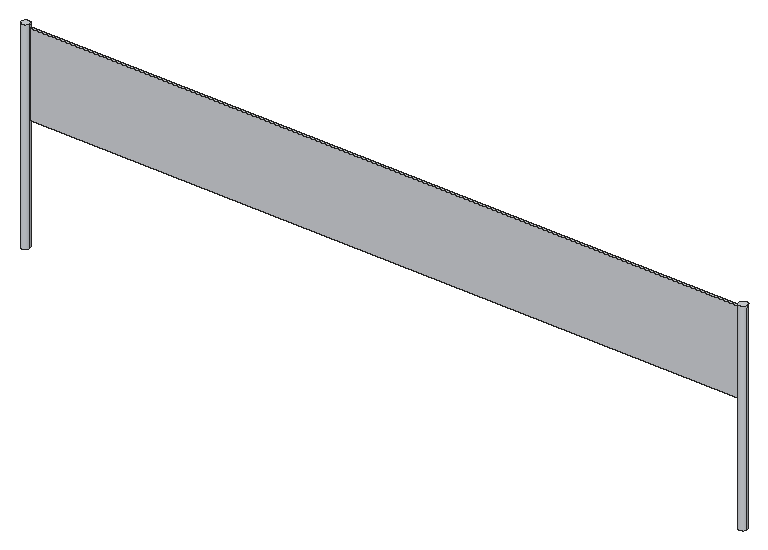
Revit family "АВЛН_Стойки волейбольные", category Мебель, Revit 2019
Family settings
  Номер OmniClass = 23.40.20.00
  Заголовок OmniClass = General Furniture and Specialties
  На основе рабочей плоскости = Нет
  Всегда вертикально = Да
  При загрузке вырезать с полостями = Нет
  Общий = Нет
  Точка расчета площади = Нет
Parameters (values of type "Стойки волейбольные")
  Описание = "Стойки волейбольные с механизмом передвиж. сетки"
  Type Comments = ""
  Keynote = ""
  Manufacturer = ""
  Группа модели = "Оборудование Спортивной зоны"
  ADSK_Размер_Ширина = 100 mm
  ADSK_Размер_Длина = 8800 mm
  ADSK_Размер_Высота = 2430 mm
  ADSK_Обозначение = ""
  ADSK_Масса = 0
  ADSK_Код изделия = ""
  ADSK_Единица измерения = "Компл."
Reference planes
  plane 1 "По центру (Вперед/Назад)": y = 0
  plane 2: z = 0
  plane 3 "По центру (Влево/Вправо)": x = 0
  plane 4: z = 2430
  plane 5: y = 50
  plane 6: x = 4400
  plane 7: x = -4400
  plane 8: y = -50
Forms (mm)
  Extrusion 1, solid
    sketch origin (0, -518.993, 592.976) x (-1, 0, 0) y (0, -1, 0)
      loop
        circle (4350, -518.993) r 50
      loop
        circle (-4350, -518.993) r 50
    from -592.976 to 1837.024
  Extrusion 2, solid
    sketch origin (0, -518.993, 692.976) x (-1, 0, 0) y (0, -1, 0)
      loop
        line (4300, -528.993) -> (4300, -508.993) -> (-4300, -508.993) -> (-4300, -528.993) -> (4300, -528.993)
    from 707.024 to 1707.024
Lines and regions (mm)
  symbolic lines
    curve 1: line (-4300, 0, 592.976) -> (-4162.114, 137.886, 592.976)
    curve 2: line (-4162.114, 137.886, 592.976) -> (-3886.343, -137.886, 592.976)
    curve 3: line (-3610.571, 137.886, 592.976) -> (-3886.343, -137.886, 592.976)
    curve 4: line (-3059.028, 137.886, 592.976) -> (-3334.799, -137.886, 592.976)
    curve 5: line (-3610.571, 137.886, 592.976) -> (-3334.799, -137.886, 592.976)
    curve 6: line (-1955.941, 137.886, 592.976) -> (-2231.713, -137.886, 592.976)
    curve 7: line (-2507.484, 137.886, 592.976) -> (-2231.713, -137.886, 592.976)
    curve 8: line (-3059.028, 137.886, 592.976) -> (-2783.256, -137.886, 592.976)
    curve 9: line (-2507.484, 137.886, 592.976) -> (-2783.256, -137.886, 592.976)
    curve 10: line (-1955.941, 137.886, 592.976) -> (-1680.169, -137.886, 592.976)
    curve 11: line (-1404.398, 137.886, 592.976) -> (-1680.169, -137.886, 592.976)
    curve 12: line (-852.854, 137.886, 592.976) -> (-1128.626, -137.886, 592.976)
    curve 13: line (-1404.398, 137.886, 592.976) -> (-1128.626, -137.886, 592.976)
    curve 14: line (250.232, 137.886, 592.976) -> (-25.54, -137.886, 592.976)
    curve 15: line (-301.311, 137.886, 592.976) -> (-25.54, -137.886, 592.976)
    curve 16: line (-852.854, 137.886, 592.976) -> (-577.083, -137.886, 592.976)
    curve 17: line (-301.311, 137.886, 592.976) -> (-577.083, -137.886, 592.976)
    curve 18: line (250.232, 137.886, 592.976) -> (526.004, -137.886, 592.976)
    curve 19: line (801.775, 137.886, 592.976) -> (526.004, -137.886, 592.976)
    curve 20: line (1353.319, 137.886, 592.976) -> (1077.547, -137.886, 592.976)
    curve 21: line (801.775, 137.886, 592.976) -> (1077.547, -137.886, 592.976)
    curve 22: line (2456.405, 137.886, 592.976) -> (2180.634, -137.886, 592.976)
    curve 23: line (1904.862, 137.886, 592.976) -> (2180.634, -137.886, 592.976)
    curve 24: line (1353.319, 137.886, 592.976) -> (1629.09, -137.886, 592.976)
    curve 25: line (1904.862, 137.886, 592.976) -> (1629.09, -137.886, 592.976)
    curve 26: line (2456.405, 137.886, 592.976) -> (2732.177, -137.886, 592.976)
    curve 27: line (3007.949, 137.886, 592.976) -> (2732.177, -137.886, 592.976)
    curve 28: line (3559.492, 137.886, 592.976) -> (3283.72, -137.886, 592.976)
    curve 29: line (3007.949, 137.886, 592.976) -> (3283.72, -137.886, 592.976)
    curve 30: line (4111.035, 137.886, 592.976) -> (4238.921, 10, 592.976)
    curve 31: line (3559.492, 137.886, 592.976) -> (3835.264, -137.886, 592.976)
    curve 32: line (4111.035, 137.886, 592.976) -> (3835.264, -137.886, 592.976)
Dimensions and locks
  plane 2 to plane 4 = 2430 mm
  equal spacing: plane 8, plane 1 "По центру (Вперед/Назад)", plane 5
  equal spacing: plane 7, plane 3 "По центру (Влево/Вправо)", plane 6
  "ADSK_Размер_Длина": plane 7 to plane 6
  "ADSK_Размер_Ширина": plane 5 to plane 8
  "ADSK_Размер_Высота": plane 2 to plane 4
  locked: Extrusion 1 sketch curve to plane 6 at 50
  locked: plane 5 to Extrusion 1 sketch curve at 50  (x2)
  locked: plane 7 to Extrusion 1 sketch curve at 50
  equal spacing: Extrusion 2 sketch curve, plane 1 "По центру (Вперед/Назад)", Extrusion 2 sketch curve
  Extrusion 2 to Extrusion 2 to plane 4 = 1000 mm locked, 30 mm locked
  diameter of Extrusion 1 sketch curve = 100 mm  (x2)
  aligned and locked: level to plane 2
  aligned and locked: Extrusion 1 to level
  aligned and locked: Extrusion 1 to plane 4
  aligned and locked: Extrusion 2 sketch curve to Extrusion 1  (x2)
Automatic sketch dimensions
  plane 8 to Extrusion 1 sketch curve = 50 mm  (x2)
  plane 7 to Extrusion 1 sketch curve = 50 mm
  Extrusion 1 sketch curve to plane 6 = 50 mm
  Extrusion 2 sketch curve to plane 1 "По центру (Вперед/Назад)" = 10 mm
  curve 1 to plane 1 "По центру (Вперед/Назад)" = 0 mm
  plane 5 to curve 32 = 87.886 mm
  curve 32 to plane 6 = 288.965 mm
  curve 32 to plane 8 = 87.886 mm
  curve 30 to curve 32 = 275.772 mm
  plane 5 to curve 28 = 87.886 mm
  curve 28 to plane 8 = 87.886 mm
  plane 5 to curve 29 = 87.886 mm
  curve 26 to plane 8 = 87.886 mm
  plane 5 to curve 26 = 87.886 mm
  curve 22 to plane 8 = 87.886 mm
  plane 5 to curve 23 = 87.886 mm
  curve 24 to plane 8 = 87.886 mm
  plane 5 to curve 24 = 87.886 mm
  curve 20 to plane 8 = 87.886 mm
  plane 5 to curve 19 = 87.886 mm
  curve 18 to plane 8 = 87.886 mm
  plane 5 to curve 18 = 87.886 mm
  curve 14 to plane 3 "По центру (Влево/Вправо)" = 25.54 mm
  plane 5 to curve 17 = 87.886 mm
  curve 16 to plane 8 = 87.886 mm
  plane 5 to curve 12 = 87.886 mm
  curve 12 to plane 8 = 87.886 mm
  plane 5 to curve 13 = 87.886 mm
  curve 11 to plane 8 = 87.886 mm
  plane 5 to curve 10 = 87.886 mm
  curve 6 to plane 8 = 87.886 mm
  plane 5 to curve 7 = 87.886 mm
  curve 9 to plane 8 = 87.886 mm
  plane 5 to curve 8 = 87.886 mm
  curve 4 to plane 8 = 87.886 mm
  plane 5 to curve 5 = 87.886 mm
  curve 2 to plane 8 = 87.886 mm
  curve 1 to plane 1 "По центру (Вперед/Назад)" = 137.886 mm
  curve 30 to plane 1 "По центру (Вперед/Назад)" = 10 mm
